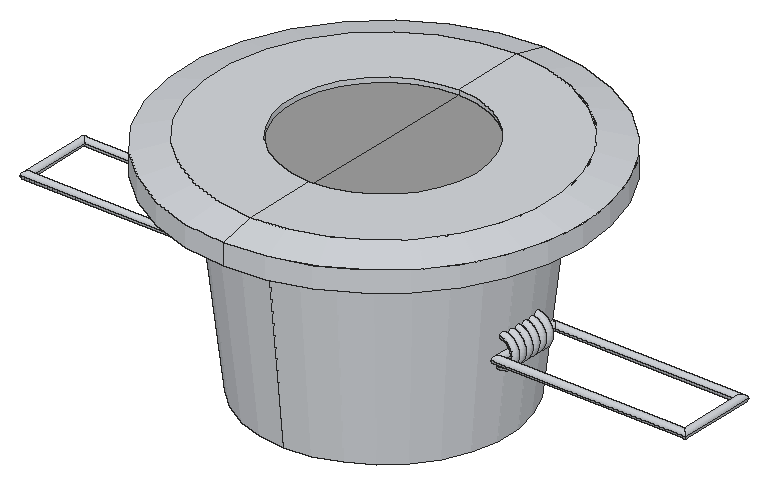
Revit family "0005350", category Lighting Fixtures, host Face, Revit 2017
Family settings
  Host = Face
  Round Connector Dimension = Use Diameter
  Part Type = Normal
  OmniClass Number = 23.80.70.00
  OmniClass Title = Lighting
  Cut with Voids When Loaded = No
  Light Source = Yes
  Shared = No
  Room Calculation Point = No
Parameters (values of type "0005350 OBICO IP65 740LM 2CCT DIM WHT")
  Weight = "1.5 kg"
  Wattage Comments = ""
  Wattage = 8.5 W
  WarrantyStartDate [instance] = "n/a"
  WarrantyGuarantorParts = "n/a"
  WarrantyDurationUnit = "n/a"
  WarrantyDurationParts = "n/a"
  WarrantyDescription = "n/a"
  built-in parameter 1150110 = 1 (stored number, unit not read)
  Voltage = 0 V
  URL = "http://www.sylvania-lighting.com"
  TypeName = "OBICO IP65 740LM 2CCT DIM ADJ WHT"
  Type Image = <None>
  Type Comments = "n/a"
  built-in parameter 1114217 = 1 (stored number, unit not read)
  Tilt Angle = -90.00°
  built-in parameter 1150109 = 1 (stored number, unit not read)
  built-in parameter 1150134 = 12
  built-in parameter 1150113 = 1 (stored number, unit not read)
  SerialNumber [instance] = "n/a"
  Photometric Web File = "0005350.ies"
  Material_3_SYL = none
  PowerFactor = 0.9
  PowerConsumption = "8.5 W"
  NominalLength = 117 mm
  NominalHeight = 54 mm
  NominalDepth = 96 mm
  Name = "OBICO IP65 740LM 2CCT DIM ADJ WHT"
  ModelReference = Name  # "OBICO IP65 740LM 2CCT DIM ADJ WHT"
  ModelNumber = "0005350"
  Model = Name  # "OBICO IP65 740LM 2CCT DIM ADJ WHT"
  Material = "aluminium housing, pc polycarbonate diffuser"
  ManufacturerName = "Feilo Sylvania"
  Manufacturer = "Feilo Sylvania"
  LuminousEfficacy = "84 lm/W"
  built-in parameter 1150105 = 1066.7 (stored number, unit not read)
  Lumens = 714 lm
  LuminaireType = ""
  built-in parameter 1150115 = 1 (stored number, unit not read)
  LightOutputRatio = "n/a"
  built-in parameter 1150137 = (empty or 0)
  built-in parameter 1150139 = (empty or 0)
  LampsType = Lamp  # "LED"
  LampNominalLuminous = "720 lm"
  LampMacAdamStep = "6"
  LampColourTemperature = "4000 K"
  LampColourRenderingIndex = "80"
  built-in parameter 1150112 = 1 (stored number, unit not read)
  built-in parameter 1150114 = 1 (stored number, unit not read)
  Lamp = "LED"
  Keynote = "16500"
  InstallationDate [instance] = "n/a"
  InputVoltage = "n/a"
  InputNominalFrequency = "n/a"
  built-in parameter 1150132 = (empty or 0)
  built-in parameter 1150102 = (empty or 0)
  built-in parameter 1150107 = 4000 (stored number, unit not read)
  built-in parameter 1150138 = (empty or 0)
  IngressProtection = "IP65/20"
  ImpactProtectionIndex = "IK03"
  built-in parameter 1150106 = 10.667 (stored number, unit not read)
  IfcExportType = "IfcLightFixtureType"
  IfcExportAs = "IfcLightFixtureType"
  Emit from Circle Diameter = 609.6 mm
  Emit Shape Visible in Rendering = no
  ElectricShockClassification = "Class II"
  built-in parameter 1150104 = 7.8039 (stored number, unit not read)
  DocumentationLiterature = "http://www.sylvania-lighting.com/product/en-int/products/0005350"
  DimmingControlOptions = "n/a"
  Material_2_SYL = none
  Dimming Lamp Color Temperature Shift = <None>
  Description = "Integrated LED recessed spotlight, 2-axis adjustable (horizontal rotation 360°, vertical tilt 30°) RAL9016 white bezel colour, two temperature light colors selectable: 3000K, 4000K. Lumen output 740lm (4000K), 8.5W, dimmable trailing/leading edge, 38° degree beam angle, aluminium and steel body, low profile 40mm recessed depth, IP65 frontal degree, IK03, loop-in/loop-out terminals for fast wiring, 96mm bezel diameter, 80mm cutout, clear lens. Additional chrome bezel ring included in the packaging. Lifetime: 50.000 hours at L70. Energy Class: A++, A+, A."
  Default Elevation = 1219.2 mm
  CreatedOn = "2/23/2021"
  CreatedBy = "@sylvania-lighting.com"
  Cost = 0
  Color Filter = 16777215
  built-in parameter 1114216 [instance] = (empty or 0)
  ClassificationValue = "EF_70_80"
  ClassificationName = "Uniclass2015"
  Material_1_SYL = Default
  BarCode [instance] = "n/a"
  built-in parameter 1114218 = 1 (stored number, unit not read)
  built-in parameter 1150133 = 10 (stored number, unit not read)
  AssetType = "Fixed"
  AssetIdentifier [instance] = "n/a"
  Assembly Code = "D5020200"
  Apparent Load = 8.5 VA
  Material_4_SYL = none
Reference planes
  plane 1 "Center (Front/Back)": y = 0
  plane 2: z = 0
  plane 3 "Center (Left/Right)": x = 0
  plane 4: y = -48
  plane 5: y = 48
  plane 6: z = 7
  plane 7: z = -4
  plane 8: z = -47
  plane 9: y = 40
  plane 10: y = -40
  plane 11: y = 30
  plane 12: y = -30
  plane 13: y = -35
  plane 14: y = 35
  plane 15: z = 5
  plane 16: y = 22.5
  plane 17: z = 6
Forms (mm)
  Revolve 1, solid
    sketch origin (0.25, 1524, 1219.2) x (0, 1, 0) y (0, 0, 1)
      loop
        line (-1524, -1214.2) -> (-1524, -1266.2) -> (-1494, -1266.2) -> (-1489, -1223.2) -> (-1489, -1219.2) -> (-1476, -1219.2) -> (-1476, -1214.2) -> (-1484, -1212.2) -> (-1501.5, -1212.2) -> (-1501.5, -1214.2) -> (-1524, -1214.2)
      axis (-1524, -1266.2) -> (-1524, -1212.2)
    angle from 360 to 0
  Revolve 2, solid, material "Default" <- "Material_1_SYL"
    sketch origin (0.25, 1524, 1219.2) x (0, 1, 0) y (0, 0, 1)
      loop
        line (-1501.5, -1213.2) -> (-1524, -1213.2) -> (-1524, -1214.2) -> (-1501.5, -1214.2) -> (-1501.5, -1213.2)
      axis (-1524, -1214.2) -> (-1524, -1213.2)
    angle from 360 to 0
  Sweep 3, solid
    path origin (-4.117, 0.46, 7.176) x (1, 0, 0) y (0, 1, 0)
      loop
        line (-75, 8.5) -> (-75, -8.5) -> (-30, -8.5) -> (-30, 8.5) -> (-75, 8.5)
    profile origin (-56.617, 8.96, 7.176) x (0, 1, 0) y (0, 0, 1)
      loop
        circle (0, -33.041) r 0.899
  Revolve 4, solid
    sketch origin (-32.259, 1523.987, 1226.512) x (0, 1, 0) y (0, 0, 1)
      loop
        circle (-1518.723, -1248.745) r 0.801
      loop
        circle (-1520.733, -1248.823) r 0.801
      loop
        circle (-1522.743, -1248.823) r 0.801
      loop
        circle (-1524.772, -1248.823) r 0.801
      loop
        circle (-1526.817, -1248.823) r 0.801
      loop
        circle (-1528.846, -1248.823) r 0.801
      axis (-1529.647, -1252.2) -> (-1517.923, -1252.2)
    angle from -29.09 to 193.564
  Sweep 5, solid
    path origin (4.117, 0.46, 7.176) x (-1, 0, 0) y (0, -1, 0)
      loop
        line (-75, -8.5) -> (-30, -8.5) -> (-30, 8.5) -> (-75, 8.5) -> (-75, -8.5)
    profile origin (56.617, 8.96, 7.176) x (0, -1, 0) y (0, 0, 1)
      loop
        circle (0, -33.041) r 0.899
  Revolve 6, solid
    sketch origin (32.259, 1523.987, 1226.512) x (0, 1, 0) y (0, 0, -1)
      loop
        circle (-1518.723, 1248.745) r 0.801
      loop
        circle (-1520.733, 1248.823) r 0.801
      loop
        circle (-1522.743, 1248.823) r 0.801
      loop
        circle (-1524.772, 1248.823) r 0.801
      loop
        circle (-1526.817, 1248.823) r 0.801
      loop
        circle (-1528.846, 1248.823) r 0.801
      axis (-1529.647, 1252.2) -> (-1517.923, 1252.2)
    angle from -29.09 to 193.564
Dimensions and locks
  aligned and locked: plane 2 to host face
  aligned and locked: level to host face
  aligned and locked: Revolve 2 sketch curve to plane 17
  aligned and locked: Revolve 2 sketch curve to plane 16
  aligned and locked: Revolve 2 sketch curve to Revolve 1
  aligned and locked: plane 1 "Center (Front/Back)" to Revolve 2 sketch curve
Connectors
  electrical at (0.25, -30, -47)
    settings: on Revolve 1, index 1, voltage 0 V, apparent load 0 VA, apparent load phase1 0 VA, apparent load phase2 0 VA, apparent load phase3 0 VA, power factor 1, load classification "Other", number of poles 1, system type 31, power factor state 1, is connector primary yes, connector utility no, sub classification motor no, connector description ""
